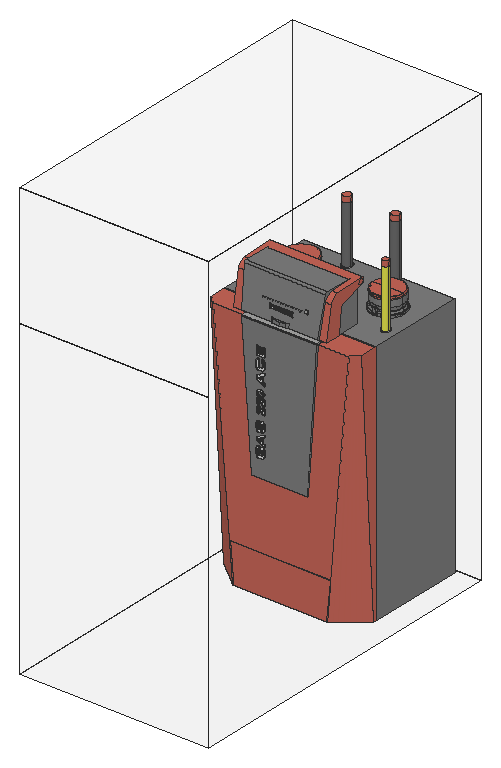
Revit family "Gas Ace 220_160_LOD-5", category Mechanical Equipment, Revit 2015 (continued)
Automatic sketch dimensions
  Extrusion 6 sketch curve to Extrusion 6 sketch curve = 35.239 mm
  Extrusion 6 sketch curve to Extrusion 6 sketch curve = 1.18 mm
  Extrusion 6 sketch curve to Extrusion 6 sketch curve = 2.676 mm
  Extrusion 6 sketch curve to Extrusion 6 sketch curve = 8.075 mm
  Extrusion 6 sketch curve to Extrusion 6 sketch curve = 4.752 mm
  Extrusion 6 sketch curve to Extrusion 6 sketch curve = 2.136 mm
  Extrusion 6 sketch curve to Extrusion 6 sketch curve = 2.427 mm
  Extrusion 6 sketch curve to Extrusion 6 sketch curve = 5.606 mm
  Extrusion 6 sketch curve to Extrusion 6 sketch curve = 7.408 mm
  Extrusion 6 sketch curve to Extrusion 6 sketch curve = 8.771 mm
  Extrusion 6 sketch curve to Extrusion 6 sketch curve = 5.297 mm
  Extrusion 6 sketch curve to Extrusion 6 sketch curve = 6.258 mm
  Extrusion 6 sketch curve to Extrusion 6 sketch curve = 8.273 mm
  Extrusion 6 sketch curve to Extrusion 6 sketch curve = 6.915 mm
  Extrusion 6 sketch curve to Extrusion 6 sketch curve = 3.199 mm
  Extrusion 6 sketch curve to Extrusion 6 sketch curve = 4.418 mm
  Extrusion 6 sketch curve to Extrusion 6 sketch curve = 4.778 mm
  Extrusion 6 sketch curve to Extrusion 6 sketch curve = 2.034 mm
  Extrusion 6 sketch curve to Extrusion 6 sketch curve = 4.697 mm
  Extrusion 6 sketch curve to Extrusion 6 sketch curve = 6.224 mm
  Extrusion 6 sketch curve to Extrusion 6 sketch curve = 8.018 mm
  Extrusion 6 sketch curve to Extrusion 6 sketch curve = 5.046 mm
  Extrusion 6 sketch curve to Extrusion 6 sketch curve = 4.645 mm
  Extrusion 6 sketch curve to Extrusion 6 sketch curve = 3.179 mm
  Extrusion 6 sketch curve to Extrusion 6 sketch curve = 1.825 mm
  Extrusion 6 sketch curve to Extrusion 6 sketch curve = 6.221 mm
  Extrusion 6 sketch curve to Extrusion 6 sketch curve = 4.769 mm
  Extrusion 6 sketch curve to Extrusion 6 sketch curve = 3.637 mm
  Extrusion 6 sketch curve to Extrusion 6 sketch curve = 0.234 mm
  Extrusion 6 sketch curve to Extrusion 6 sketch curve = 2.222 mm
  Extrusion 6 sketch curve to Extrusion 6 sketch curve = 2.995 mm
  Extrusion 6 sketch curve to Extrusion 6 sketch curve = 10.786 mm
  Extrusion 6 sketch curve to Extrusion 6 sketch curve = 6.619 mm  (x2)
  Extrusion 6 sketch curve to Extrusion 6 sketch curve = 0.33 mm
  Extrusion 6 sketch curve to Extrusion 6 sketch curve = 0.623 mm
  Extrusion 6 sketch curve to Extrusion 6 sketch curve = 4.10 mm
  Extrusion 6 sketch curve to Extrusion 6 sketch curve = 0.236 mm
  Extrusion 6 sketch curve to Extrusion 6 sketch curve = 0.229 mm
  Extrusion 6 sketch curve to Extrusion 6 sketch curve = 5.84 mm
  Extrusion 6 sketch curve to Extrusion 6 sketch curve = 3.608 mm
  Extrusion 6 sketch curve to Extrusion 6 sketch curve = 104.478 mm
  plane 20 to Extrusion 6 sketch curve = 4.794 mm
  Extrusion 6 sketch curve to Extrusion 6 sketch curve = 7.974 mm
  Extrusion 6 sketch curve to Extrusion 6 sketch curve = 13.63 mm
  Extrusion 6 sketch curve to Extrusion 6 sketch curve = 24.845 mm
  Extrusion 6 sketch curve to Extrusion 6 sketch curve = 0.046 mm
  plane 21 to Extrusion 7 sketch curve = 2.767 mm
  Extrusion 7 sketch curve to plane 18 = 2.767 mm
  Extrusion 8 sketch curve to plane 35 = 0.00 mm  (x2)
  plane 21 to Extrusion 8 sketch curve = 2.767 mm
  Extrusion 8 sketch curve to plane 18 = 2.767 mm
  Extrusion 9 sketch curve to plane 13 = 0.00 mm
  plane 24 to Extrusion 9 sketch curve = 23.522 mm
  Extrusion 11 sketch curve to Extrusion 11 sketch curve = 0.00 mm  (x2)
  Extrusion 11 sketch curve to plane 13 = 0.00 mm
  plane 24 to Extrusion 11 sketch curve = 23.522 mm
  Extrusion 13 sketch curve to plane 12 = 0.00 mm
  plane 24 to Extrusion 13 sketch curve = 23.522 mm
  Extrusion 14 sketch curve to Extrusion 14 sketch curve = 0.00 mm  (x2)
  Extrusion 14 sketch curve to plane 12 = 0.00 mm
  plane 24 to Extrusion 14 sketch curve = 23.522 mm
  Extrusion 20 sketch curve to plane 7 = 0.00 mm
  plane 4 to Extrusion 20 sketch curve = 107.668 mm
  Extrusion 20 sketch curve to Extrusion 20 sketch curve = 5.376 mm
  Extrusion 20 sketch curve to Extrusion 20 sketch curve = 14.918 mm
  plane 4 to Extrusion 20 sketch curve = 76.94 mm
  Extrusion 20 sketch curve to plane 25 = 104.717 mm
  Extrusion 20 sketch curve to Extrusion 20 sketch curve = 1.568 mm
  Extrusion 20 sketch curve to plane 25 = 46.717 mm
  Extrusion 21 sketch curve to plane 26 = 0.00 mm
  plane 4 to Extrusion 21 sketch curve = 107.668 mm
  Extrusion 21 sketch curve to Extrusion 21 sketch curve = 5.376 mm
  Extrusion 21 sketch curve to Extrusion 21 sketch curve = 14.918 mm
  plane 24 to Extrusion 21 sketch curve = 22.534 mm
  plane 4 to Extrusion 21 sketch curve = 79.413 mm
  Extrusion 21 sketch curve to Extrusion 21 sketch curve = 26.484 mm
  Extrusion 21 sketch curve to plane 25 = 24.282 mm
  Extrusion 21 sketch curve to Extrusion 21 sketch curve = 1.57 mm
  plane 4 to Extrusion 21 sketch curve = 31.492 mm
  plane 4 to Extrusion 21 sketch curve = 1.763 mm
  Extrusion 21 sketch curve to Extrusion 21 sketch curve = 80.434 mm
  Extrusion 21 sketch curve to Extrusion 21 sketch curve = 1.568 mm
  Extrusion 21 sketch curve to Extrusion 21 sketch curve = 21.458 mm
  Extrusion 21 sketch curve to plane 25 = 46.717 mm
  Extrusion 21 sketch curve to plane 25 = 18.574 mm
  Extrusion 23 sketch curve to plane 7 = 0.00 mm  (x2)
  Extrusion 23 sketch curve to plane 34 = 26.458 mm
  plane 29 to Extrusion 23 sketch curve = 0.713 mm
  plane 29 to Extrusion 23 sketch curve = 17.579 mm
  Extrusion 23 sketch curve to plane 30 = 17.579 mm
  Extrusion 23 sketch curve to plane 30 = 0.713 mm
  plane 28 to Extrusion 23 sketch curve = 27.458 mm
  Extrusion 23 sketch curve to plane 25 = 12.381 mm  (x2)
  plane 20 to Extrusion 24 sketch curve = 25.855 mm
  plane 24 to Extrusion 24 sketch curve = 115.281 mm
  Extrusion 24 sketch curve to Extrusion 24 sketch curve = 5.00 mm
  Extrusion 25 sketch curve to plane 4 = 0.00 mm
  Extrusion 25 sketch curve to plane 3 "Center (Left/Right)" = 0.00 mm  (x2)
  Extrusion 25 sketch curve to plane 4 = 7.93 mm  (x2)
  Extrusion 25 sketch curve to plane 3 "Center (Left/Right)" = 34.601 mm
  Extrusion 25 sketch curve to plane 4 = 9.344 mm  (x2)
  Extrusion 25 sketch curve to Extrusion 25 sketch curve = 1.414 mm
  Extrusion 25 sketch curve to Extrusion 25 sketch curve = 9.344 mm  (x2)
  plane 3 "Center (Left/Right)" to Extrusion 25 sketch curve = 34.601 mm
  Extrusion 26 sketch curve to plane 3 "Center (Left/Right)" = 60.00 mm
  Extrusion 26 sketch curve to Extrusion 26 sketch curve = 0.00 mm  (x11)
  Extrusion 26 sketch curve to Extrusion 26 sketch curve = 5.282 mm
  Extrusion 26 sketch curve to Extrusion 26 sketch curve = 3.083 mm  (x2)
  Extrusion 26 sketch curve to Extrusion 26 sketch curve = 8.006 mm
  Extrusion 26 sketch curve to Extrusion 26 sketch curve = 0.536 mm
  Extrusion 26 sketch curve to Extrusion 26 sketch curve = 2.531 mm
  Extrusion 26 sketch curve to Extrusion 26 sketch curve = 5.448 mm
  Extrusion 26 sketch curve to Extrusion 26 sketch curve = 2.49 mm
  Extrusion 26 sketch curve to Extrusion 26 sketch curve = 0.713 mm
  Extrusion 26 sketch curve to Extrusion 26 sketch curve = 1.477 mm
  Extrusion 26 sketch curve to Extrusion 26 sketch curve = 2.918 mm
  Extrusion 26 sketch curve to Extrusion 26 sketch curve = 3.653 mm
  Extrusion 26 sketch curve to Extrusion 26 sketch curve = 12.345 mm
  Extrusion 26 sketch curve to Extrusion 26 sketch curve = 2.924 mm
  Extrusion 26 sketch curve to Extrusion 26 sketch curve = 3.054 mm  (x2)
  Extrusion 26 sketch curve to Extrusion 26 sketch curve = 2.856 mm
  Extrusion 26 sketch curve to Extrusion 26 sketch curve = 0.085 mm
  Extrusion 26 sketch curve to Extrusion 26 sketch curve = 3.429 mm
  Extrusion 26 sketch curve to Extrusion 26 sketch curve = 4.286 mm
  Extrusion 26 sketch curve to Extrusion 26 sketch curve = 0.113 mm  (x2)
  Extrusion 26 sketch curve to Extrusion 26 sketch curve = 2.402 mm  (x2)
  Extrusion 26 sketch curve to Extrusion 26 sketch curve = 0.076 mm  (x2)
  Extrusion 26 sketch curve to Extrusion 26 sketch curve = 0.092 mm  (x2)
  Extrusion 26 sketch curve to Extrusion 26 sketch curve = 0.134 mm  (x2)
  Extrusion 26 sketch curve to Extrusion 26 sketch curve = 2.245 mm  (x2)
  Extrusion 26 sketch curve to plane 3 "Center (Left/Right)" = 1.402 mm
  plane 3 "Center (Left/Right)" to Extrusion 26 sketch curve = 0.218 mm
  Extrusion 26 sketch curve to Extrusion 26 sketch curve = 2.873 mm
  plane 3 "Center (Left/Right)" to Extrusion 26 sketch curve = 3.222 mm
  Extrusion 26 sketch curve to Extrusion 26 sketch curve = 1.738 mm
  Extrusion 26 sketch curve to Extrusion 26 sketch curve = 0.65 mm
  Extrusion 26 sketch curve to Extrusion 26 sketch curve = 3.04 mm  (x5)
  Extrusion 26 sketch curve to Extrusion 26 sketch curve = 1.782 mm
  Extrusion 26 sketch curve to Extrusion 26 sketch curve = 0.701 mm
  Extrusion 26 sketch curve to Extrusion 26 sketch curve = 4.337 mm
  Extrusion 26 sketch curve to Extrusion 26 sketch curve = 3.208 mm
  Extrusion 26 sketch curve to Extrusion 26 sketch curve = 4.739 mm
  Extrusion 26 sketch curve to Extrusion 26 sketch curve = 1.93 mm
  Extrusion 26 sketch curve to Extrusion 26 sketch curve = 0.994 mm
  Extrusion 26 sketch curve to Extrusion 26 sketch curve = 0.901 mm
  Extrusion 26 sketch curve to Extrusion 26 sketch curve = 1.684 mm
  Extrusion 26 sketch curve to Extrusion 26 sketch curve = 2.199 mm
  Extrusion 26 sketch curve to Extrusion 26 sketch curve = 4.069 mm
  Extrusion 26 sketch curve to Extrusion 26 sketch curve = 2.964 mm
  Extrusion 26 sketch curve to Extrusion 26 sketch curve = 0.033 mm  (x2)
  Extrusion 26 sketch curve to Extrusion 26 sketch curve = 0.918 mm
  Extrusion 26 sketch curve to Extrusion 26 sketch curve = 1.137 mm
  Extrusion 26 sketch curve to Extrusion 26 sketch curve = 0.284 mm
  Extrusion 26 sketch curve to Extrusion 26 sketch curve = 0.51 mm
  Extrusion 26 sketch curve to Extrusion 26 sketch curve = 1.179 mm
  Extrusion 26 sketch curve to Extrusion 26 sketch curve = 0.049 mm
  Extrusion 26 sketch curve to Extrusion 26 sketch curve = 0.212 mm  (x2)
  Extrusion 26 sketch curve to Extrusion 26 sketch curve = 0.379 mm
  Extrusion 26 sketch curve to Extrusion 26 sketch curve = 0.436 mm
  Extrusion 26 sketch curve to Extrusion 26 sketch curve = 0.226 mm
  Extrusion 26 sketch curve to Extrusion 26 sketch curve = 0.749 mm
  Extrusion 26 sketch curve to Extrusion 26 sketch curve = 0.157 mm
  Extrusion 26 sketch curve to Extrusion 26 sketch curve = 1.236 mm
  Extrusion 26 sketch curve to Extrusion 26 sketch curve = 0.137 mm
  Extrusion 26 sketch curve to Extrusion 26 sketch curve = 0.668 mm
  Extrusion 26 sketch curve to Extrusion 26 sketch curve = 0.909 mm
  Extrusion 26 sketch curve to Extrusion 26 sketch curve = 1.762 mm
  Extrusion 26 sketch curve to Extrusion 26 sketch curve = 0.271 mm
  Extrusion 26 sketch curve to Extrusion 26 sketch curve = 1.996 mm
  Extrusion 26 sketch curve to Extrusion 26 sketch curve = 0.264 mm
  Extrusion 26 sketch curve to Extrusion 26 sketch curve = 3.106 mm
  Extrusion 26 sketch curve to Extrusion 26 sketch curve = 0.412 mm
  Extrusion 26 sketch curve to Extrusion 26 sketch curve = 4.239 mm
  Extrusion 26 sketch curve to Extrusion 26 sketch curve = 3.826 mm
  Extrusion 26 sketch curve to Extrusion 26 sketch curve = 2.368 mm
  Extrusion 26 sketch curve to Extrusion 26 sketch curve = 1.956 mm
  Extrusion 26 sketch curve to Extrusion 26 sketch curve = 1.963 mm
  Extrusion 26 sketch curve to Extrusion 26 sketch curve = 0.004 mm
  Extrusion 26 sketch curve to Extrusion 26 sketch curve = 1.968 mm
  Extrusion 26 sketch curve to Extrusion 26 sketch curve = 0.013 mm
  Extrusion 26 sketch curve to Extrusion 26 sketch curve = 1.972 mm  (x2)
  Extrusion 26 sketch curve to Extrusion 26 sketch curve = 0.009 mm
  Extrusion 26 sketch curve to Extrusion 26 sketch curve = 1.977 mm
  Extrusion 26 sketch curve to Extrusion 26 sketch curve = 0.914 mm
  Extrusion 26 sketch curve to Extrusion 26 sketch curve = 2.002 mm
  Extrusion 26 sketch curve to Extrusion 26 sketch curve = 1.103 mm
  Extrusion 26 sketch curve to Extrusion 26 sketch curve = 2.125 mm
  Extrusion 26 sketch curve to Extrusion 26 sketch curve = 0.452 mm
  Extrusion 26 sketch curve to Extrusion 26 sketch curve = 0.179 mm
  Extrusion 26 sketch curve to Extrusion 26 sketch curve = 0.001 mm
  Extrusion 26 sketch curve to Extrusion 26 sketch curve = 1.043 mm
  Extrusion 26 sketch curve to Extrusion 26 sketch curve = 0.429 mm
  Extrusion 26 sketch curve to Extrusion 26 sketch curve = 1.471 mm
  Extrusion 26 sketch curve to Extrusion 26 sketch curve = 3.486 mm  (x2)
  Extrusion 26 sketch curve to Extrusion 26 sketch curve = 1.341 mm
  Extrusion 26 sketch curve to Extrusion 26 sketch curve = 0.793 mm
  Extrusion 26 sketch curve to Extrusion 26 sketch curve = 1.186 mm
  Extrusion 26 sketch curve to Extrusion 26 sketch curve = 0.851 mm
  Extrusion 26 sketch curve to Extrusion 26 sketch curve = 1.181 mm  (x2)
  Extrusion 26 sketch curve to Extrusion 26 sketch curve = 1.473 mm
  Extrusion 26 sketch curve to Extrusion 26 sketch curve = 0.982 mm
  Extrusion 26 sketch curve to Extrusion 26 sketch curve = 0.53 mm  (x2)
  Extrusion 26 sketch curve to Extrusion 26 sketch curve = 1.417 mm
  Extrusion 26 sketch curve to Extrusion 26 sketch curve = 1.08 mm
  Extrusion 26 sketch curve to Extrusion 26 sketch curve = 0.219 mm  (x2)
  Extrusion 26 sketch curve to Extrusion 26 sketch curve = 0.991 mm
  Extrusion 26 sketch curve to Extrusion 26 sketch curve = 0.687 mm
  Extrusion 26 sketch curve to Extrusion 26 sketch curve = 0.578 mm  (x2)
  Extrusion 26 sketch curve to Extrusion 26 sketch curve = 6.128 mm
  Extrusion 26 sketch curve to Extrusion 26 sketch curve = 1.01 mm
  Extrusion 26 sketch curve to Extrusion 26 sketch curve = 0.082 mm
  Extrusion 26 sketch curve to Extrusion 26 sketch curve = 1.846 mm
  Extrusion 26 sketch curve to Extrusion 26 sketch curve = 0.115 mm
  Extrusion 26 sketch curve to Extrusion 26 sketch curve = 2.061 mm
  Extrusion 26 sketch curve to Extrusion 26 sketch curve = 0.617 mm
  Extrusion 26 sketch curve to Extrusion 26 sketch curve = 0.794 mm
  Extrusion 26 sketch curve to Extrusion 26 sketch curve = 0.657 mm
  Extrusion 26 sketch curve to Extrusion 26 sketch curve = 0.058 mm
  Extrusion 26 sketch curve to Extrusion 26 sketch curve = 1.267 mm
  Extrusion 26 sketch curve to Extrusion 26 sketch curve = 0.821 mm
  Extrusion 26 sketch curve to Extrusion 26 sketch curve = 0.038 mm
  Extrusion 26 sketch curve to Extrusion 26 sketch curve = 1.001 mm  (x2)
  Extrusion 26 sketch curve to Extrusion 26 sketch curve = 0.90 mm
  Extrusion 26 sketch curve to Extrusion 26 sketch curve = 0.066 mm
  Extrusion 26 sketch curve to Extrusion 26 sketch curve = 0.344 mm
  Extrusion 26 sketch curve to Extrusion 26 sketch curve = 3.045 mm
  Extrusion 26 sketch curve to Extrusion 26 sketch curve = 1.163 mm
  Extrusion 26 sketch curve to Extrusion 26 sketch curve = 3.264 mm
  Extrusion 26 sketch curve to Extrusion 26 sketch curve = 1.529 mm
  Extrusion 26 sketch curve to Extrusion 26 sketch curve = 1.136 mm
  Extrusion 26 sketch curve to Extrusion 26 sketch curve = 0.985 mm
  Extrusion 26 sketch curve to Extrusion 26 sketch curve = 2.604 mm
  Extrusion 26 sketch curve to Extrusion 26 sketch curve = 0.547 mm
  Extrusion 26 sketch curve to Extrusion 26 sketch curve = 5.087 mm
  Extrusion 26 sketch curve to Extrusion 26 sketch curve = 2.359 mm
  Extrusion 26 sketch curve to Extrusion 26 sketch curve = 0.652 mm  (x2)
  Extrusion 26 sketch curve to Extrusion 26 sketch curve = 0.847 mm
  Extrusion 26 sketch curve to Extrusion 26 sketch curve = 2.106 mm
  Extrusion 27 sketch curve to plane 32 = 0.00 mm  (x2)
  plane 33 to Extrusion 27 sketch curve = 0.00 mm  (x2)
  Extrusion 27 sketch curve to plane 32 = 21.995 mm
  plane 33 to Extrusion 27 sketch curve = 1.225 mm  (x2)
  Extrusion 27 sketch curve to Extrusion 27 sketch curve = 2.851 mm
  Extrusion 27 sketch curve to Extrusion 27 sketch curve = 7.34 mm  (x2)
  Extrusion 27 sketch curve to plane 33 = 5.73 mm  (x2)
  Extrusion 27 sketch curve to Extrusion 27 sketch curve = 7.459 mm  (x2)
  plane 33 to Extrusion 27 sketch curve = 4.516 mm  (x2)
  Extrusion 27 sketch curve to Extrusion 27 sketch curve = 2.533 mm  (x2)
  Extrusion 27 sketch curve to Extrusion 27 sketch curve = 3.777 mm  (x2)
  Extrusion 27 sketch curve to Extrusion 27 sketch curve = 3.376 mm  (x2)
  Extrusion 27 sketch curve to Extrusion 27 sketch curve = 3.35 mm  (x2)
  Extrusion 27 sketch curve to Extrusion 27 sketch curve = 5.045 mm  (x2)
  Extrusion 27 sketch curve to Extrusion 27 sketch curve = 5.527 mm  (x2)
  Extrusion 27 sketch curve to plane 33 = 11.501 mm  (x2)
  Extrusion 27 sketch curve to Extrusion 27 sketch curve = 13.077 mm  (x2)
  plane 20 to Extrusion 27 sketch curve = 11.826 mm  (x2)
  Extrusion 27 sketch curve to Extrusion 27 sketch curve = 4.266 mm  (x2)
  Extrusion 27 sketch curve to Extrusion 27 sketch curve = 2.432 mm  (x2)
  Extrusion 27 sketch curve to Extrusion 27 sketch curve = 3.70 mm  (x2)
  Extrusion 27 sketch curve to Extrusion 27 sketch curve = 10.686 mm  (x2)
  Extrusion 27 sketch curve to Extrusion 27 sketch curve = 10.68 mm
  plane 20 to Extrusion 27 sketch curve = 13.06 mm
  Extrusion 27 sketch curve to Extrusion 27 sketch curve = 35.239 mm
  Extrusion 27 sketch curve to Extrusion 27 sketch curve = 0.00 mm  (x27)
  plane 20 to Extrusion 27 sketch curve = 9.597 mm
  Extrusion 27 sketch curve to Extrusion 27 sketch curve = 1.18 mm
  plane 20 to Extrusion 27 sketch curve = 6.96 mm
  Extrusion 27 sketch curve to Extrusion 27 sketch curve = 2.676 mm
  Extrusion 27 sketch curve to Extrusion 27 sketch curve = 8.075 mm
  plane 20 to Extrusion 27 sketch curve = 5.282 mm
  Extrusion 27 sketch curve to Extrusion 27 sketch curve = 4.752 mm
  plane 33 to Extrusion 27 sketch curve = 4.957 mm
  Extrusion 27 sketch curve to Extrusion 27 sketch curve = 2.136 mm
  Extrusion 27 sketch curve to plane 33 = 21.317 mm
  Extrusion 27 sketch curve to Extrusion 27 sketch curve = 2.427 mm
  Extrusion 27 sketch curve to plane 33 = 4.95 mm
  Extrusion 27 sketch curve to Extrusion 27 sketch curve = 5.606 mm
  plane 20 to Extrusion 27 sketch curve = 4.693 mm
  Extrusion 27 sketch curve to Extrusion 27 sketch curve = 7.408 mm
  Extrusion 27 sketch curve to Extrusion 27 sketch curve = 3.81 mm
  Extrusion 27 sketch curve to Extrusion 27 sketch curve = 8.771 mm
  Extrusion 27 sketch curve to plane 33 = 4.686 mm
  Extrusion 27 sketch curve to Extrusion 27 sketch curve = 5.297 mm
  plane 33 to Extrusion 27 sketch curve = 5.198 mm
  Extrusion 27 sketch curve to Extrusion 27 sketch curve = 6.258 mm
  Extrusion 27 sketch curve to plane 33 = 4.632 mm
  Extrusion 27 sketch curve to Extrusion 27 sketch curve = 8.273 mm
  plane 33 to Extrusion 27 sketch curve = 5.211 mm
  Extrusion 27 sketch curve to Extrusion 27 sketch curve = 6.915 mm
  Extrusion 27 sketch curve to Extrusion 27 sketch curve = 3.199 mm
  Extrusion 27 sketch curve to Extrusion 27 sketch curve = 4.418 mm
  plane 33 to Extrusion 27 sketch curve = 5.444 mm
  Extrusion 27 sketch curve to Extrusion 27 sketch curve = 4.778 mm
  Extrusion 27 sketch curve to Extrusion 27 sketch curve = 0.221 mm
  Extrusion 27 sketch curve to plane 33 = 21.603 mm
  Extrusion 27 sketch curve to Extrusion 27 sketch curve = 2.034 mm
  Extrusion 27 sketch curve to Extrusion 27 sketch curve = 5.583 mm
  Extrusion 27 sketch curve to Extrusion 27 sketch curve = 4.697 mm
  Extrusion 27 sketch curve to plane 33 = 21.298 mm
  Extrusion 27 sketch curve to Extrusion 27 sketch curve = 6.224 mm
  plane 20 to Extrusion 27 sketch curve = 5.368 mm
  Extrusion 27 sketch curve to Extrusion 27 sketch curve = 8.018 mm
  Extrusion 27 sketch curve to plane 33 = 3.946 mm
  Extrusion 27 sketch curve to Extrusion 27 sketch curve = 3.888 mm
  Extrusion 27 sketch curve to Extrusion 27 sketch curve = 5.046 mm
  Extrusion 27 sketch curve to plane 33 = 20.233 mm
  Extrusion 27 sketch curve to Extrusion 27 sketch curve = 4.645 mm
  Extrusion 27 sketch curve to plane 33 = 18.179 mm
  Extrusion 27 sketch curve to Extrusion 27 sketch curve = 3.179 mm
  Extrusion 27 sketch curve to plane 33 = 14.908 mm
  Extrusion 27 sketch curve to Extrusion 27 sketch curve = 1.825 mm
  Extrusion 27 sketch curve to Extrusion 27 sketch curve = 0.249 mm
  Extrusion 27 sketch curve to Extrusion 27 sketch curve = 6.221 mm
  Extrusion 27 sketch curve to plane 33 = 21.135 mm  (x4)
  Extrusion 27 sketch curve to Extrusion 27 sketch curve = 14.365 mm  (x2)
  Extrusion 27 sketch curve to Extrusion 27 sketch curve = 4.013 mm  (x2)
  plane 20 to Extrusion 27 sketch curve = 5.16 mm  (x2)
  Extrusion 27 sketch curve to Extrusion 27 sketch curve = 4.769 mm
  Extrusion 27 sketch curve to plane 33 = 4.515 mm  (x2)
  Extrusion 27 sketch curve to Extrusion 27 sketch curve = 4.827 mm  (x2)
  plane 33 to Extrusion 27 sketch curve = 11.404 mm  (x2)
  Extrusion 27 sketch curve to Extrusion 27 sketch curve = 8.431 mm  (x2)
  Extrusion 27 sketch curve to Extrusion 27 sketch curve = 16.511 mm  (x2)
  Extrusion 27 sketch curve to Extrusion 27 sketch curve = 8.377 mm  (x2)
  Extrusion 27 sketch curve to plane 33 = 13.643 mm  (x2)
  Extrusion 27 sketch curve to Extrusion 27 sketch curve = 4.823 mm  (x2)
  Extrusion 27 sketch curve to Extrusion 27 sketch curve = 3.783 mm  (x2)
  Extrusion 27 sketch curve to Extrusion 27 sketch curve = 14.423 mm  (x2)
  plane 33 to Extrusion 27 sketch curve = 3.211 mm
  Extrusion 27 sketch curve to Extrusion 27 sketch curve = 3.637 mm
  Extrusion 27 sketch curve to plane 33 = 7.591 mm
  Extrusion 27 sketch curve to plane 33 = 10.916 mm
  plane 33 to Extrusion 27 sketch curve = 11.042 mm
  Extrusion 27 sketch curve to Extrusion 27 sketch curve = 0.234 mm  (x2)
  plane 20 to Extrusion 27 sketch curve = 4.692 mm  (x2)
  Extrusion 27 sketch curve to Extrusion 27 sketch curve = 10.664 mm
  Extrusion 27 sketch curve to Extrusion 27 sketch curve = 2.222 mm
  Extrusion 27 sketch curve to Extrusion 27 sketch curve = 2.995 mm
  Extrusion 27 sketch curve to Extrusion 27 sketch curve = 4.641 mm
  Extrusion 27 sketch curve to Extrusion 27 sketch curve = 7.483 mm
  Extrusion 27 sketch curve to Extrusion 27 sketch curve = 10.786 mm
  Extrusion 27 sketch curve to Extrusion 27 sketch curve = 6.619 mm  (x2)
  Extrusion 27 sketch curve to plane 33 = 21.602 mm
  Extrusion 27 sketch curve to Extrusion 27 sketch curve = 0.33 mm
  Extrusion 27 sketch curve to Extrusion 27 sketch curve = 0.623 mm
  Extrusion 27 sketch curve to plane 33 = 21.487 mm
  Extrusion 27 sketch curve to Extrusion 27 sketch curve = 4.10 mm
  Extrusion 27 sketch curve to Extrusion 27 sketch curve = 5.824 mm
  Extrusion 27 sketch curve to Extrusion 27 sketch curve = 5.83 mm
  plane 33 to Extrusion 27 sketch curve = 5.462 mm  (x2)
  Extrusion 27 sketch curve to Extrusion 27 sketch curve = 0.229 mm
  Extrusion 27 sketch curve to plane 33 = 5.362 mm
  Extrusion 27 sketch curve to Extrusion 27 sketch curve = 0.236 mm
  plane 20 to Extrusion 27 sketch curve = 4.966 mm
  Extrusion 27 sketch curve to Extrusion 27 sketch curve = 5.84 mm
  Extrusion 27 sketch curve to plane 33 = 20.885 mm
  Extrusion 27 sketch curve to Extrusion 27 sketch curve = 3.608 mm
  plane 33 to Extrusion 27 sketch curve = 7.959 mm
  Extrusion 27 sketch curve to Extrusion 27 sketch curve = 13.487 mm
  plane 32 to Extrusion 27 sketch curve = 42.444 mm
  Extrusion 27 sketch curve to Extrusion 27 sketch curve = 4.585 mm
  Extrusion 27 sketch curve to plane 33 = 9.486 mm  (x2)
  Extrusion 27 sketch curve to Extrusion 27 sketch curve = 4.987 mm
  plane 33 to Extrusion 27 sketch curve = 9.585 mm  (x2)
  Extrusion 27 sketch curve to Extrusion 27 sketch curve = 12.118 mm  (x4)
  plane 20 to Extrusion 27 sketch curve = 4.694 mm  (x2)
  Extrusion 27 sketch curve to plane 33 = 4.663 mm
  Extrusion 27 sketch curve to Extrusion 27 sketch curve = 1.136 mm  (x2)
  plane 33 to Extrusion 27 sketch curve = 4.758 mm  (x2)
  Extrusion 27 sketch curve to Extrusion 27 sketch curve = 6.059 mm  (x3)
  plane 33 to Extrusion 27 sketch curve = 5.785 mm  (x2)
  Extrusion 27 sketch curve to Extrusion 27 sketch curve = 17.113 mm
  Extrusion 27 sketch curve to plane 33 = 5.353 mm
  Extrusion 27 sketch curve to Extrusion 27 sketch curve = 0.341 mm
  Extrusion 27 sketch curve to Extrusion 27 sketch curve = 5.032 mm
  Extrusion 27 sketch curve to Extrusion 27 sketch curve = 5.347 mm
  Extrusion 27 sketch curve to Extrusion 27 sketch curve = 0.656 mm
  Extrusion 27 sketch curve to Extrusion 27 sketch curve = 6.006 mm
  Extrusion 27 sketch curve to plane 33 = 4.867 mm
  Extrusion 27 sketch curve to Extrusion 27 sketch curve = 11.678 mm
  plane 20 to Extrusion 27 sketch curve = 5.162 mm
  Extrusion 27 sketch curve to Extrusion 27 sketch curve = 12.337 mm
  Extrusion 27 sketch curve to Extrusion 27 sketch curve = 12.908 mm
  Extrusion 27 sketch curve to plane 33 = 4.289 mm
  Extrusion 27 sketch curve to Extrusion 27 sketch curve = 31.398 mm
  plane 33 to Extrusion 27 sketch curve = 11.402 mm
  Extrusion 27 sketch curve to Extrusion 27 sketch curve = 1.595 mm
  Extrusion 27 sketch curve to plane 33 = 21.136 mm
  Extrusion 27 sketch curve to Extrusion 27 sketch curve = 2.501 mm
  Extrusion 27 sketch curve to Extrusion 27 sketch curve = 10.882 mm
  Extrusion 27 sketch curve to Extrusion 27 sketch curve = 9.634 mm
  Extrusion 27 sketch curve to Extrusion 27 sketch curve = 9.77 mm  (x2)
  Extrusion 27 sketch curve to Extrusion 27 sketch curve = 3.944 mm
  Extrusion 27 sketch curve to Extrusion 27 sketch curve = 7.492 mm
  Extrusion 27 sketch curve to Extrusion 27 sketch curve = 3.998 mm  (x2)
  Extrusion 27 sketch curve to Extrusion 27 sketch curve = 0.505 mm
  Extrusion 27 sketch curve to Extrusion 27 sketch curve = 6.667 mm
  Extrusion 27 sketch curve to Extrusion 27 sketch curve = 6.90 mm
  Extrusion 27 sketch curve to Extrusion 27 sketch curve = 1.236 mm
  Extrusion 27 sketch curve to Extrusion 27 sketch curve = 2.258 mm
  Extrusion 27 sketch curve to Extrusion 27 sketch curve = 3.321 mm
  Extrusion 27 sketch curve to Extrusion 27 sketch curve = 5.292 mm
  plane 33 to Extrusion 27 sketch curve = 4.612 mm
  Extrusion 27 sketch curve to Extrusion 27 sketch curve = 3.571 mm
  Extrusion 27 sketch curve to Extrusion 27 sketch curve = 5.505 mm
  Extrusion 27 sketch curve to Extrusion 27 sketch curve = 6.332 mm
  plane 33 to Extrusion 27 sketch curve = 8.24 mm
  Extrusion 27 sketch curve to Extrusion 27 sketch curve = 0.541 mm
  Extrusion 27 sketch curve to Extrusion 27 sketch curve = 2.084 mm
  Extrusion 27 sketch curve to Extrusion 27 sketch curve = 4.58 mm  (x2)
  Extrusion 27 sketch curve to Extrusion 27 sketch curve = 1.638 mm  (x2)
  Extrusion 27 sketch curve to plane 33 = 7.62 mm
  Extrusion 27 sketch curve to Extrusion 27 sketch curve = 0.046 mm
  Extrusion 27 sketch curve to Extrusion 27 sketch curve = 13.63 mm
  plane 20 to Extrusion 27 sketch curve = 4.794 mm
  plane 4 to Extrusion 28 sketch curve = 3.836 mm
  plane 4 to Extrusion 28 sketch curve = 8.465 mm
  Extrusion 28 sketch curve to Extrusion 28 sketch curve = 5.00 mm
  Extrusion 28 sketch curve to Extrusion 28 sketch curve = 4.061 mm
  plane 24 to Extrusion 28 sketch curve = 76.064 mm
  Extrusion 28 sketch curve to Extrusion 28 sketch curve = 26.252 mm
  plane 26 to Extrusion 29 sketch curve = 15.488 mm
  Extrusion 29 sketch curve to plane 25 = 35.496 mm
  plane 26 to Extrusion 30 sketch curve = 15.488 mm
  Extrusion 30 sketch curve to plane 25 = 35.496 mm
  Extrusion 31 sketch curve to plane 5 = 0.00 mm
  Extrusion 31 sketch curve to plane 6 = 0.00 mm
  Extrusion 31 sketch curve to plane 34 = 15.642 mm
  plane 28 to Extrusion 31 sketch curve = 16.642 mm
  level to Extrusion 31 sketch curve = 29.00 mm  (x2)
  Extrusion 31 sketch curve to Extrusion 31 sketch curve = 171.499 mm  (x2)
  plane 5 to Extrusion 32 sketch curve = 5.43 mm  (x2)
  Extrusion 32 sketch curve to plane 34 = 29.235 mm  (x2)
  plane 28 to Extrusion 32 sketch curve = 30.235 mm  (x2)
  Extrusion 32 sketch curve to plane 6 = 5.43 mm  (x2)
  plane 26 to Extrusion 32 sketch curve = 98.19 mm  (x2)
  Extrusion 32 sketch curve to Extrusion 32 sketch curve = 25.00 mm  (x2)
  plane 22 to Extrusion 32 sketch curve = 15.435 mm  (x2)
  plane 1 "Center (Front/Back)" to Extrusion 32 sketch curve = 15.565 mm  (x2)
  Extrusion 33 sketch curve to plane 21 = 0.00 mm
  Extrusion 33 sketch curve to plane 18 = 0.00 mm
  level to Extrusion 33 sketch curve = 57.048 mm  (x2)
  Extrusion 34 sketch curve to plane 21 = 0.00 mm
  Extrusion 34 sketch curve to plane 18 = 0.00 mm
  level to Extrusion 34 sketch curve = 57.048 mm  (x2)
  plane 21 to Extrusion 37 sketch curve = 2.767 mm
  Extrusion 37 sketch curve to plane 18 = 2.767 mm
  level to Extrusion 37 sketch curve = 55.00 mm  (x2)
  plane 29 to Extrusion 38 sketch curve = 17.579 mm
  Extrusion 38 sketch curve to plane 4 = 5.984 mm
  Extrusion 38 sketch curve to plane 30 = 17.579 mm
  plane 4 to Extrusion 38 sketch curve = 102.292 mm
  Extrusion 40 sketch curve to plane 7 = 0.00 mm
  Extrusion 40 sketch curve to plane 26 = 0.00 mm
  plane 4 to Extrusion 40 sketch curve = 107.668 mm
  Extrusion 40 sketch curve to Extrusion 40 sketch curve = 5.376 mm
  Extrusion 40 sketch curve to Extrusion 40 sketch curve = 14.918 mm
  plane 4 to Extrusion 40 sketch curve = 76.94 mm
  Extrusion 40 sketch curve to plane 25 = 104.717 mm
  Extrusion 40 sketch curve to Extrusion 40 sketch curve = 1.568 mm
  Extrusion 40 sketch curve to plane 25 = 46.717 mm
  Extrusion 41 sketch curve to plane 26 = 0.00 mm
  plane 4 to Extrusion 41 sketch curve = 107.668 mm
  Extrusion 41 sketch curve to Extrusion 41 sketch curve = 5.376 mm
  Extrusion 41 sketch curve to Extrusion 41 sketch curve = 14.918 mm
  plane 24 to Extrusion 41 sketch curve = 22.534 mm
  plane 4 to Extrusion 41 sketch curve = 79.413 mm
  Extrusion 41 sketch curve to Extrusion 41 sketch curve = 26.484 mm
  Extrusion 41 sketch curve to plane 25 = 24.282 mm
  Extrusion 41 sketch curve to Extrusion 41 sketch curve = 1.57 mm
  plane 4 to Extrusion 41 sketch curve = 31.492 mm
  plane 4 to Extrusion 41 sketch curve = 1.763 mm
  Extrusion 41 sketch curve to Extrusion 41 sketch curve = 80.434 mm
  Extrusion 41 sketch curve to Extrusion 41 sketch curve = 1.568 mm
  Extrusion 41 sketch curve to Extrusion 41 sketch curve = 21.458 mm
  Extrusion 41 sketch curve to plane 25 = 46.717 mm
  Extrusion 41 sketch curve to plane 25 = 18.574 mm
  Extrusion 42 sketch curve to plane 4 = 5.984 mm
  plane 29 to Extrusion 42 sketch curve = 17.579 mm
  Extrusion 42 sketch curve to plane 30 = 17.579 mm
  plane 4 to Extrusion 42 sketch curve = 102.292 mm
  plane 21 to Extrusion 43 sketch curve = 2.767 mm
  Extrusion 43 sketch curve to plane 18 = 2.767 mm
  level to Extrusion 43 sketch curve = 55.00 mm  (x2)
  Extrusion 22 sketch curve to plane 31 = 0.00 mm
  Extrusion 22 sketch curve to plane 4 = 4.018 mm
  plane 4 to Extrusion 22 sketch curve = 1.763 mm
  plane 4 to Extrusion 22 sketch curve = 31.492 mm
  plane 4 to Extrusion 22 sketch curve = 32.165 mm
  Extrusion 22 sketch curve to Extrusion 22 sketch curve = 10.033 mm
  Extrusion 22 sketch curve to plane 25 = 24.282 mm
  Extrusion 22 sketch curve to Extrusion 22 sketch curve = 32.04 mm
  Extrusion 22 sketch curve to Extrusion 22 sketch curve = 1.57 mm
  Extrusion 22 sketch curve to plane 25 = 20.32 mm
  plane 26 to Extrusion 22 sketch curve = 49.996 mm
  Extrusion 22 sketch curve to Extrusion 22 sketch curve = 44.973 mm
  Extrusion 22 sketch curve to Extrusion 22 sketch curve = 1.769 mm
  Extrusion 22 sketch curve to Extrusion 22 sketch curve = 0.273 mm
  Extrusion 22 sketch curve to plane 25 = 16.424 mm
  plane 4 to Extrusion 44 sketch curve = 14.519 mm
  Extrusion 44 sketch curve to Extrusion 44 sketch curve = 5.781 mm  (x2)
  Extrusion 44 sketch curve to plane 25 = 124.914 mm
  plane 4 to Extrusion 44 sketch curve = 12.162 mm
  Extrusion 44 sketch curve to Extrusion 44 sketch curve = 13.368 mm
  Extrusion 45 sketch curve to plane 40 = 0.00 mm
  Extrusion 45 sketch curve to plane 41 "Drain" = 0.00 mm
  Extrusion 35 sketch curve to Extrusion 35 sketch curve = 0.00 mm  (x2)
  Extrusion 35 sketch curve to plane 11 = 0.00 mm
  Extrusion 35 sketch curve to plane 21 = 0.00 mm
  Revolve 10 sketch curve to plane 13 = 0.00 mm
  Revolve 10 sketch curve to plane 7 = 0.00 mm
  Revolve 10 sketch curve to Revolve 10 sketch curve = 0.50 mm
  Revolve 10 sketch curve to Revolve 10 sketch curve = 2.50 mm
  plane 24 to Revolve 10 sketch curve = 7.00 mm
  Revolve 10 sketch curve to Revolve 10 sketch curve = 12.147 mm
  Revolve 10 sketch curve to Revolve 10 sketch curve = 5.00 mm
  Revolve 10 sketch curve to Revolve 10 sketch curve = 16.52 mm
  Revolve 10 sketch curve to Revolve 10 sketch curve = 45.225 mm
  plane 24 to Revolve 10 sketch curve = 5.294 mm
  Revolve 10 sketch curve to plane 25 = 77.762 mm
  Revolve 12 sketch curve to plane 12 = 0.00 mm
  Revolve 12 sketch curve to plane 7 = 0.00 mm
  Revolve 12 sketch curve to Revolve 12 sketch curve = 0.50 mm
  Revolve 12 sketch curve to Revolve 12 sketch curve = 2.00 mm
  plane 24 to Revolve 12 sketch curve = 7.00 mm
  Revolve 12 sketch curve to Revolve 12 sketch curve = 12.147 mm
  Revolve 12 sketch curve to Revolve 12 sketch curve = 5.00 mm
  Revolve 12 sketch curve to Revolve 12 sketch curve = 16.52 mm
  Revolve 12 sketch curve to Revolve 12 sketch curve = 45.225 mm
  plane 24 to Revolve 12 sketch curve = 5.294 mm
  Revolve 12 sketch curve to plane 25 = 77.762 mm
  Extrusion 16 sketch curve to plane 20 = 0.00 mm
  Extrusion 16 sketch curve to plane 19 = 0.00 mm
  Extrusion 16 sketch curve to plane 22 = 0.00 mm  (x2)
  Revolve 19 sketch curve to plane 13 = 0.00 mm  (x2)
  plane 24 to Revolve 19 sketch curve = 80.921 mm
  Revolve 19 sketch curve to Revolve 19 sketch curve = 1.396 mm
  Revolve 19 sketch curve to Revolve 19 sketch curve = 10.494 mm
  Revolve 19 sketch curve to Revolve 19 sketch curve = 1.189 mm
  Revolve 19 sketch curve to level = 304.80 mm
  plane 8 to Revolve 19 sketch curve = 776.40 mm
  Revolve 36 sketch curve to plane 12 = 0.00 mm  (x2)
  plane 24 to Revolve 36 sketch curve = 94.00 mm
  Revolve 36 sketch curve to Revolve 36 sketch curve = 1.189 mm
  Revolve 36 sketch curve to Revolve 36 sketch curve = 10.494 mm
  Revolve 36 sketch curve to Revolve 36 sketch curve = 1.396 mm
  plane 8 to Revolve 36 sketch curve = 776.40 mm
  Revolve 36 sketch curve to level = 304.80 mm
  Extrusion 39 sketch curve to Extrusion 39 sketch curve = 0.00 mm  (x8)
  Extrusion 39 sketch curve to plane 11 = 0.00 mm  (x2)
  Extrusion 39 sketch curve to plane 21 = 0.00 mm
  Extrusion 39 sketch curve to plane 20 = 0.00 mm
  Extrusion 39 sketch curve to plane 19 = 0.00 mm
  Extrusion 39 sketch curve to plane 18 = 0.00 mm
  Extrusion 39 sketch curve to plane 22 = 0.00 mm  (x2)
  Extrusion 46 sketch curve to Extrusion 46 sketch curve = 0.00 mm  (x2)
  Extrusion 46 sketch curve to plane 20 = 0.00 mm
  Extrusion 46 sketch curve to plane 22 = 0.00 mm
  Extrusion 47 sketch curve to Extrusion 47 sketch curve = 0.00 mm  (x2)
  Extrusion 47 sketch curve to plane 11 = 0.00 mm
  Extrusion 47 sketch curve to plane 18 = 0.00 mm
  Extrusion 48 sketch curve to Extrusion 48 sketch curve = 0.00 mm  (x2)
  Extrusion 48 sketch curve to plane 19 = 0.00 mm
  Extrusion 48 sketch curve to plane 22 = 0.00 mm
  Extrusion 49 sketch curve to plane 8 = 0.00 mm
  Extrusion 49 sketch curve to level = 0.00 mm
  Extrusion 49 sketch curve to plane 4 = 1100.00 mm
  Extrusion 49 sketch curve to plane 42 = 0.00 mm
  plane 8 to Extrusion 49 sketch curve = 650.00 mm
  radius of Extrusion 7 sketch curve = 55.00 mm  (x2)
  radius of Extrusion 8 sketch curve = 55.00 mm  (x2)
  radius of Extrusion 9 sketch curve = 10.00 mm
  radius of Extrusion 11 sketch curve = 10.00 mm
  radius of Extrusion 11 sketch curve = 12.00 mm
  radius of Extrusion 13 sketch curve = 10.00 mm
  radius of Extrusion 14 sketch curve = 10.00 mm
  radius of Extrusion 14 sketch curve = 12.00 mm
  radius of Extrusion 29 sketch curve = 11.549 mm
  radius of Extrusion 30 sketch curve = 11.549 mm
  radius of Extrusion 33 sketch curve = 20.00 mm  (x2)
  radius of Extrusion 34 sketch curve = 20.00 mm  (x2)
  radius of Extrusion 37 sketch curve = 55.00 mm  (x2)
  radius of Extrusion 43 sketch curve = 55.00 mm  (x2)
  radius of Extrusion 35 sketch curve = 35.15 mm
  radius of Extrusion 35 sketch curve = 30.15 mm
Connectors
  piping at (338, -383, 1662), diameter 25.4
    settings: on Extrusion 18, index 1, connector inside diameter 609.6 mm, connector length 0.00 mm, flow factor 0, pipe flow 0.0 L/s, pressure drop 0.00000 bar, fitting loss kfactor 0, connector angle 0.00°, fixture units 0, engagement length 0.00 mm, angle of deflection 0.00°, flow configuration 1, flow direction 1, fitting loss method 0, system type 22, joint type 0, gender type 0, connector reference index -1, connector utility 0, adjustable connector no, is connector primary yes, connector description "Gas"
  piping at (128, -56, 1662), diameter 31.75
    settings: on Extrusion 16, index 2, connector inside diameter 609.6 mm, connector length 0.00 mm, flow factor 0, pipe flow 0.0 L/s, pressure drop 0.00000 bar, fitting loss kfactor 0, connector angle 0.00°, fixture units 0, engagement length 0.00 mm, angle of deflection 0.00°, flow configuration 1, flow direction 1, fitting loss method 0, system type 7, joint type 0, gender type 0, connector reference index -1, connector utility 0, adjustable connector no, is connector primary no, connector description "Hydronic Supply"
  piping at (-128, -56, 1662), diameter 31.75
    settings: on Extrusion 16, index 3, connector inside diameter 609.6 mm, connector length 0.00 mm, flow factor 0, pipe flow 0.0 L/s, pressure drop 0.00000 bar, fitting loss kfactor 0, connector angle 0.00°, fixture units 0, engagement length 0.00 mm, angle of deflection 0.00°, flow configuration 0, flow direction 2, fitting loss method 0, system type 8, joint type 0, gender type 0, connector reference index -1, connector utility 0, adjustable connector no, is connector primary no, connector description "Hydronic Return1"
  piping at (-338, -383, 1330), diameter 31.75
    settings: on Extrusion 35, index 4, connector inside diameter 609.6 mm, connector length 0.00 mm, flow factor 0, pipe flow 0.0 L/s, pressure drop 0.00000 bar, fitting loss kfactor 0, connector angle 0.00°, fixture units 0, engagement length 0.00 mm, angle of deflection 0.00°, flow configuration 1, flow direction 1, fitting loss method 0, system type 8, joint type 0, gender type 0, connector reference index -1, connector utility 0, adjustable connector no, is connector primary no, connector description "Hydronic Return2"
  electrical at (128.112, -643.66, 1450.976)
    settings: on Extrusion 44, index 7, voltage 230.002 V, apparent load 0 VA, apparent load phase1 0 VA, apparent load phase2 0 VA, apparent load phase3 0 VA, power factor 1, load classification "Other", number of poles 1, system type 30, power factor state 1, is connector primary yes, connector utility no, sub classification motor no, connector description "Power - Balanced"
  piping at (-280, 0, 84), diameter 40
    settings: on Extrusion 45, index 8, connector inside diameter 609.6 mm, connector length 0.00 mm, flow factor 0, pipe flow 0.0 L/s, pressure drop 0.00000 bar, fitting loss kfactor 0, connector angle 0.00°, fixture units 0, engagement length 0.00 mm, angle of deflection 0.00°, flow configuration 3, flow direction 2, fitting loss method 0, system type 16, joint type 0, gender type 0, connector reference index -1, connector utility 0, adjustable connector no, is connector primary no, connector description "Drain"
  hvac at (229, -231, 1424)
    settings: on Revolve 36, index 9, duct flow 0.0 L/s, flow factor 0, pres drop 0.00000 bar, loss coef 0, conn angle 0.00°, conn width 304.8 mm, conn height 304.8 mm, conn diameter 150 mm, duct sys type 4, conn prof type 0, flow config 0, flow direction 0, loss method 0, conn ref index -1, conn util no, is conn primary yes, conn desc ""
  hvac at (-229, -231, 1418.392)
    settings: on Revolve 10, index 10, duct flow 0.0 L/s, flow factor 0, pres drop 0.00000 bar, loss coef 0, conn angle 0.00°, conn width 304.8 mm, conn height 304.8 mm, conn diameter 150 mm, duct sys type 1, conn prof type 0, flow config 0, flow direction 0, loss method 0, conn ref index -1, conn util no, is conn primary no, conn desc ""
